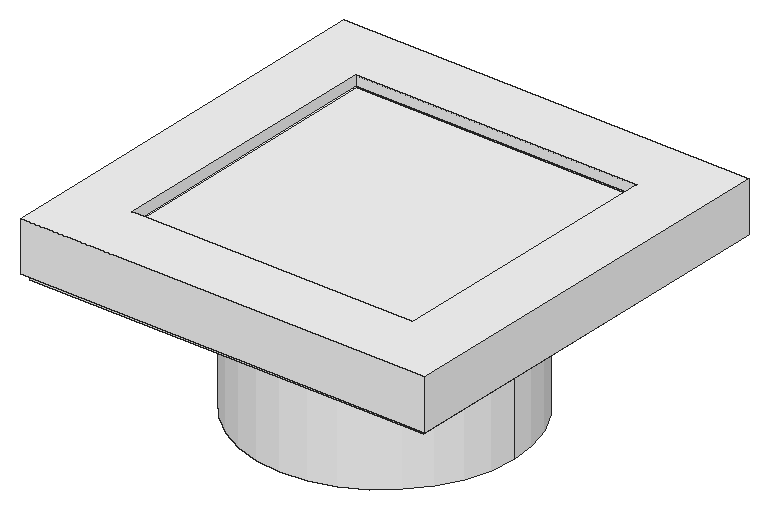
Revit family "Gira_228227", category Electrical Fixtures, host Face, Revit 2017
Family settings
  Host = Face
  Maintain Annotation Orientation = Yes
  Round Connector Dimension = Use Diameter
  Part Type = Normal
  Cut with Voids When Loaded = No
  Shared = No
  Room Calculation Point = No
Parameters (values of type "Speaker RDS FM radio System 55 p.white m")
  White [instance] = White
  URL = "http://katalog.gira.de/en/datenblatt.html?artikelnr=228227"
  Type of fastening = "Mounting with claw and screw"
  Surface protection = "Other"
  Surface finishing = "Glossy"
  RAL-number (akin) = "9010"
  Name = "Speaker RDS FM radio System 55 p.white m"
  Mounting method = "Flush mounted (plaster)"
  Model = "Radio"
  Material quality = "Other"
  Material = "Other"
  Manufacturer URL = "https://www.gira.de/"
  Manufacturer = "Gira"
  HeinzeBIM = "https://bimportal.heinze.de/bim/speaker-rds-fm-radio-system-55-p-white-m/440c22dba26ef9dddf13a141e0801a2e026caa0d"
  Halogen free = "Yes"
  HAN = "228227"
  GTIN = "4010337076254"
  Description = "Spk.FM radio RDS Sys55 PWm,Speaker for the RDS flush-mounted radio,,pure white matt,Features:,- Speaker for connection to the Gira RDS flush-mounted radio."
  Default Elevation = 1219.2 mm
  Data sheet (1) = "https://katalog.gira.de/en/download.html?artikelnr=228227"
  Colour = "White"
  Category = "Electronic insert for domestic switching devices"
  BIM (1) = "https://media.stage.bim.site/public/gira/36a6b08/Sys55_Komplettgerät_Schalten und Tasten.rfa?public/gira/36a6b08/Sys55_Komplettgerät_Schalten und Tasten.rfa"
  Available = "No"
  Assembly arrangement = "Basic element with housing top"
Reference planes
  plane 1 "Center (Front/Back)": y = 0
  plane 2: z = 0
  plane 3 "Center (Left/Right)": x = 0
Forms (mm)
  Extrusion 1, solid, material "White" <- "White", detail levels medium
    sketch origin (0, 0, 0) x (1, 0, 0) y (0, 1, 0)
      loop
        line (-40.4, 40.4) -> (-40.4, -40.4) -> (40.4, -40.4) -> (40.4, 40.4) -> (-40.4, 40.4)
      loop
        line (-28, 28) -> (-28, -28) -> (28, -28) -> (28, 28) -> (-28, 28)
    from 0 to 10
  Extrusion 2, solid, material "White" <- "White", detail levels fine
    sketch origin (0, 0, 0) x (1, 0, 0) y (0, 1, 0)
      loop
        line (-40.4, 40.4) -> (-40.4, -40.4) -> (40.4, -40.4) -> (40.4, 40.4) -> (-40.4, 40.4)
      loop
        line (-28, 28) -> (-28, -28) -> (28, -28) -> (28, 28) -> (-28, 28)
    from 0 to 10
  Extrusion 3, void
    sketch origin (0, 0, 0) x (1, 0, 0) y (0, 1, 0)
      loop
        line (-38.4, 38.4) -> (-38.4, -38.4) -> (38.4, -38.4) -> (38.4, 38.4) -> (-38.4, 38.4)
    from 0 to 8
  Extrusion 4, solid, material "White" <- "White", detail levels medium+fine
    sketch origin (0, 0, 0) x (1, 0, 0) y (0, 1, 0)
      loop
        line (-39.4, 39.4) -> (-39.4, -39.4) -> (39.4, -39.4) -> (39.4, 39.4) -> (-39.4, 39.4)
    from 0 to -1
  Extrusion 5, solid, material "White" <- "White", detail levels medium+fine
    sketch origin (0, 0, 0) x (1, 0, 0) y (0, 1, 0)
      loop
        line (-35.5, 35.5) -> (-35.5, -35.5) -> (35.5, -35.5) -> (35.5, 35.5) -> (-35.5, 35.5)
    from -2 to -3
  Extrusion 6, solid, material "White" <- "White", detail levels medium+fine
    sketch origin (0, 0, 0) x (1, 0, 0) y (0, 1, 0)
      loop
        circle (0, 0) r 26
    from 0 to -27.5
  Extrusion 7, solid, material "White" <- "White", detail levels coarse
    sketch origin (0, 0, 0) x (1, 0, 0) y (0, 1, 0)
      loop
        line (-40.4, 40.4) -> (-40.4, -40.4) -> (40.4, -40.4) -> (40.4, 40.4) -> (-40.4, 40.4)
    from -27.5 to 10
Cuts and joins
  Extrusion 3 cuts Extrusion 2
Dimensions and locks
  aligned and locked: plane 2 to host face
  aligned and locked: level to host face
  aligned and locked: plane 3 "Center (Left/Right)" to nested 2
  aligned and locked: plane 1 "Center (Front/Back)" to nested 2
Nested families
  nested 1: "Sys55_Abdeckung_Schalten und Tasten_floor_base" at (0, 0, 0), type "Sys55_Abdeckung_Schalten und Tasten_floor_base"
  nested 2: "Schalter" at (0, 0, 0), type "Schalter"
Connectors
  electrical at (0, 0, -27.5)
    settings: on Extrusion 6, index 1, voltage 220 V, apparent load 0 VA, apparent load phase1 0 VA, apparent load phase2 0 VA, apparent load phase3 0 VA, power factor 1, load classification "Other", number of poles 1, system type 30, power factor state 1, is connector primary yes, connector utility no, sub classification motor no, connector description ""
Definition of nested family "Sys55_Abdeckung_Schalten und Tasten_floor_base"
  Parameters
    Default Elevation = 1219.2 mm
    White [instance] = none
  Reference planes
    plane 1 "Center (Front/Back)": y = 0
    plane 2: z = 0
    plane 3 "Center (Left/Right)": x = 0
  Forms (mm)
    Extrusion 1, solid
      sketch origin (0, 0, 0) x (1, 0, 0) y (0, 1, 0)
        loop
          line (-1219.2, 1219.2) -> (-1219.2, -1219.2) -> (1219.2, -1219.2) -> (1219.2, 1219.2) -> (-1219.2, 1219.2)
      from 0 to -304.8
    Extrusion 2, solid, material <- "White", detail levels fine
      sketch origin (0, 0, 0) x (1, 0, 0) y (0, 1, 0)
        loop
          line (-27.5, 27.5) -> (-27.5, -27.5) -> (27.5, -27.5) -> (27.5, 27.5) -> (-27.5, 27.5)
      from 0 to 8
    Extrusion 3, void
      sketch origin (0, 0, 0) x (1, 0, 0) y (0, 1, 0)
        loop
          line (26, 26) -> (-26, 26) -> (-26, -26) -> (26, -26) -> (26, 26)
      from 0 to 6
    Extrusion 4, solid, material <- "White", detail levels medium
      sketch origin (0, 0, 0) x (1, 0, 0) y (0, 1, 0)
        loop
          line (-27.5, 27.5) -> (-27.5, -27.5) -> (27.5, -27.5) -> (27.5, 27.5) -> (-27.5, 27.5)
      from 0 to 8
    Extrusion 5, solid, material <- "White", detail levels medium
      sketch origin (0, 0, 0) x (1, 0, 0) y (0, 1, 0)
        loop
          line (11, -17.5) -> (11, 17.5) -> (-11, 17.5) -> (-11, -17.5) -> (11, -17.5)
      from -6 to 6
    Extrusion 6, solid, material <- "White", detail levels fine
      sketch origin (0, 0, 0) x (1, 0, 0) y (0, 1, 0)
        loop
          line (11, 17.5) -> (-11, 17.5) -> (-11, 16.5) -> (11, 16.5) -> (11, 17.5)
        loop
          line (-11, -16.5) -> (-11, -17.5) -> (11, -17.5) -> (11, -16.5) -> (-11, -16.5)
      from -4 to 6
    Extrusion 7, solid, material <- "White", detail levels fine
      sketch origin (0, 0, 0) x (1, 0, 0) y (0, 1, 0)
        loop
          arc (5, 9.347) -> (0, 10.6) -> (-5, 9.347) r 10.6
          line (-5, 9.347) -> (-5, -9.347)
          arc (-5, -9.347) -> (0, -10.6) -> (5, -9.347) r 10.6
          line (5, -9.347) -> (5, 9.347)
      from -6 to 6
    Extrusion 8, solid, material <- "White", detail levels coarse
      sketch origin (0, 0, 0) x (1, 0, 0) y (0, 1, 0)
        loop
          line (-27.5, 27.5) -> (-27.5, -27.5) -> (27.5, -27.5) -> (27.5, 27.5) -> (-27.5, 27.5)
      from -6 to 8
  Cuts and joins
    Extrusion 3 cuts Extrusion 2
  Dimensions and locks
    aligned and locked: plane 2 to Extrusion 1
    aligned and locked: level to Extrusion 1
Definition of nested family "Schalter"
  Reference planes
    plane 1: y = 0
    plane 2: x = 0
  Lines and regions (mm)
    detail lines
      curve 1: circle (1.375, 2.778, 0) r 0.8 normal (0, 0, 1)
      curve 2: line (1.021, 2.061, 0) -> (0, 0, 0)
      curve 3: line (0, 0, 0) -> (-0.538, 0.266, 0)
  Dimensions and locks
    curve 2 to curve 2 = 2.3 mm
    curve 3 to curve 2 = 0.6 mm
    radius of curve 1 = 0.8 mm
